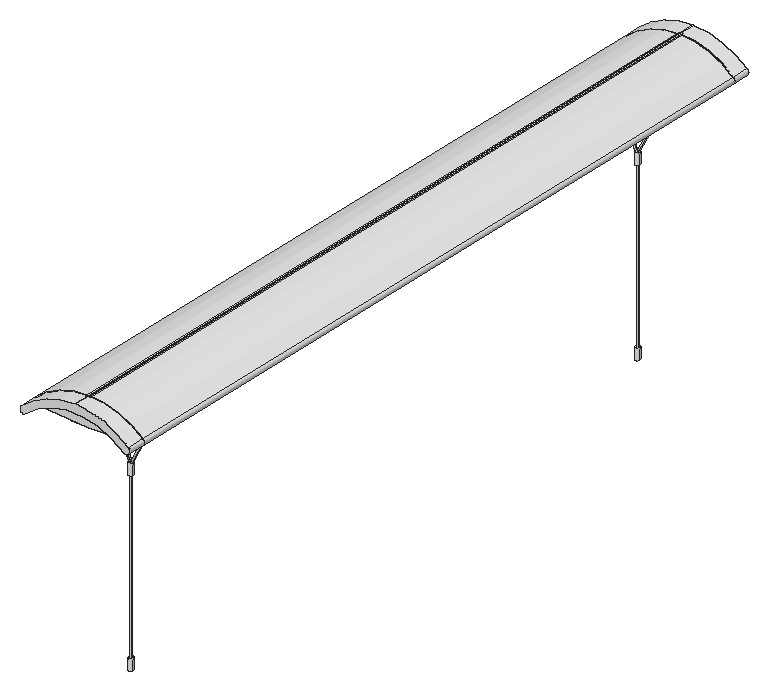
Revit family "Thorn IQ-WAVE", category Lighting Fixtures, host Face, Revit 2016
Family settings
  Host = Face
  Part Type = Normal
  Round Connector Dimension = Use Diameter
  Cut with Voids When Loaded = No
  Light Source = Yes
  Shared = No
  Room Calculation Point = No
Parameters (values of type "IQ SURF L LED4900-840 HFIX")
  Width = 210 mm  # constant formula
  Wattage Comments = ""
  Wattage = 32.9873 W
  built-in parameter 1150110 = 1 (stored number, unit not read)
  URL = "www.thornlighting.com/96628947"
  built-in parameter 1114217 = 1 (stored number, unit not read)
  Tilt Angle = -90.00°  # constant formula
  built-in parameter 1150109 = 1 (stored number, unit not read)
  built-in parameter 1150134 = 12
  Suspension Value [instance] = if(Suspension, Suspension Height, 70 mm)  # 500 mm
  Suspension Material = Thorn White Polycarbonate
  Suspension Height [instance] = 500 mm
  Suspension [instance] = yes
  built-in parameter 1150113 = 1 (stored number, unit not read)
  Photometric Web File = "96628947_(STD).IES"
  Model = "96628947"
  Manufacturer = "Thorn Lighting"  # constant formula
  built-in parameter 1150105 = 389.93 (stored number, unit not read)
  Lumens = 4900 lm
  built-in parameter 1150115 = 1 (stored number, unit not read)
  built-in parameter 1150137 = (empty or 0)
  built-in parameter 1150139 = (empty or 0)
  Length = 1440 mm
  built-in parameter 1150112 = 1 (stored number, unit not read)
  built-in parameter 1150114 = 1 (stored number, unit not read)
  Lamp = ""
  built-in parameter 1150132 = 2
  built-in parameter 1150102 = (empty or 0)
  built-in parameter 1150107 = 4000 (stored number, unit not read)
  built-in parameter 1150138 = (empty or 0)
  built-in parameter 1150106 = 3.8993 (stored number, unit not read)
  Height = 70 mm  # constant formula
  Emit from Rectangle Width = Length  # 1440 mm
  Emit from Rectangle Length = 210 mm  # constant formula
  Emit Shape Visible in Rendering = no
  built-in parameter 1150104 = 13.8 (stored number, unit not read)
  Dimming Lamp Color Temperature Shift = <None>
  Default Elevation = 0 mm
  Cost = 0
  Color Filter = 16777215
  Body Material = Thorn White Polycarbonate
  built-in parameter 1114218 = 1 (stored number, unit not read)
  built-in parameter 1150133 = 10 (stored number, unit not read)
  Apparent Load = 42 VA
Types (7, lengths in mm): name | Wattage | URL | built-in parameter 1150134 | Photometric Web File | Model | built-in parameter 1150105 | Lumens | Length | built-in parameter 1150107 | built-in parameter 1150106 | Emit from Rectangle Width | Apparent Load
  (no name) | 32.9873 W | "www.thornlighting.com/96628947" | 12 | "96628947_(STD).IES" | "96628947" | 389.93 (stored number, unit not read) | 4900 lm | 1440 | 4000 (stored number, unit not read) | 3.8993 (stored number, unit not read) | 1440 | 42 VA
  IQ-Wave INFILL 385 | 0 W | "www.thornlighting.com/96629772" | 3 | "generic" | "96629772" | (empty or 0) | 0 lm | 385 | 3200 (stored number, unit not read) | (empty or 0) | 385 | 0 VA
  IQ-Wave INFILL 565 | 0 W | "www.thornlighting.com/96629773" | 3 | "generic" | "96629773" | (empty or 0) | 0 lm | 565 | 3200 (stored number, unit not read) | (empty or 0) | 565 | 0 VA
  IQ-Wave INFILL 954 | 0 W | "www.thornlighting.com/96629774" | 3 | "generic" | "96629774" | (empty or 0) | 0 lm | 954 | 3200 (stored number, unit not read) | (empty or 0) | 954 | 0 VA
  IQ-Wave INFILL 1131 | 0 W | "www.thornlighting.com/96629775" | 3 | "generic" | "96629775" | (empty or 0) | 0 lm | 1131 | 3200 (stored number, unit not read) | (empty or 0) | 1131 | 0 VA
  IQ SURF L LED4900-840 HFIX | 32.9873 W | "www.thornlighting.com/96628947" | 12 | "96628947_(STD).IES" | "96628947" | 389.93 (stored number, unit not read) | 4900 lm | 1440 | 4000 (stored number, unit not read) | 3.8993 (stored number, unit not read) | 1440 | 42 VA
  IQ SUSP S LED4900-840 HFIX ML5 | 32.9873 W | "www.thornlighting.com/96628955" | 12 | "96628955_(STD).IES" | "96628955" | 389.93 (stored number, unit not read) | 4900 lm | 1140 | 4000 (stored number, unit not read) | 3.8993 (stored number, unit not read) | 1140 | 42 VA
Reference planes
  plane 1 "Centre (Front/Back)": y = 0
  plane 2: z = 0
  plane 3 "Centre (Left/Right)": x = 0
  plane 4 "Main Ref": z = 500
  plane 5 "Back": y = 720
  plane 6 "Front": y = -720
  plane 7: y = -687.625
  plane 8: y = 687.625
  plane 9 "Suspension Back": y = 590
  plane 10 "Suspension Front": y = -590
  plane 11: y = 665.75
  plane 12: y = -665.75
  plane 13: z = 219.75
Forms (mm)
  Extrusion 1, solid, material "Thorn White Polycarbonate" <- "Body Material"
    sketch origin (0, 0, 0) x (1, 0, 0) y (0, 0, 1)
      loop
        line (1, 500) -> (-1, 500)
        arc (-1, 500) -> (-53.837, 490.275) -> (-99.75, 462.375) r 148.401
        arc (-99.75, 462.375) -> (-102.165, 455.451) -> (-97.125, 450.125) r 7.052
        line (-97.125, 450.125) -> (-92.75, 450.125)
        arc (-92.75, 450.125) -> (-46.419, 447.003) -> (0, 445.75) r 1152.447
        arc (0, 445.75) -> (46.419, 447.003) -> (92.75, 450.125) r 1152.447
        line (92.75, 450.125) -> (96.25, 450.125)
        arc (96.25, 450.125) -> (102.113, 455.075) -> (99.75, 462.375) r 6.882
        arc (99.75, 462.375) -> (53.837, 490.275) -> (1, 500) r 148.401
    from 687.625 to -687.625
  Extrusion 2, solid, material "Thorn White Polycarbonate" <- "Body Material"
    sketch origin (0, 0, 0) x (1, 0, 0) y (0, 0, 1)
      loop
        arc (-1, 500) -> (-53.837, 490.275) -> (-99.75, 462.375) r 148.401
        arc (-99.75, 462.375) -> (-102.165, 455.451) -> (-97.125, 450.125) r 7.052
        line (-97.125, 450.125) -> (-93.625, 450.125)
        arc (-93.625, 450.125) -> (-0.437, 485.126) -> (92.75, 450.125) r 141.554
        line (92.75, 450.125) -> (96.25, 450.125)
        arc (96.25, 450.125) -> (102.113, 455.075) -> (99.75, 462.375) r 6.882
        arc (99.75, 462.375) -> (53.837, 490.275) -> (1, 500) r 148.401
        line (1, 500) -> (-1, 500)
    from -687.625 to -720
  Extrusion 3, solid, material "Thorn White Polycarbonate" <- "Body Material"
    sketch origin (0, 0, 0) x (1, 0, 0) y (0, 0, -1)
      loop
        line (-1, -500) -> (1, -500)
        arc (1, -500) -> (53.837, -490.275) -> (99.75, -462.375) r 148.401
        arc (99.75, -462.375) -> (102.113, -455.075) -> (96.25, -450.125) r 6.882
        line (96.25, -450.125) -> (92.75, -450.125)
        arc (92.75, -450.125) -> (-0.437, -485.126) -> (-93.625, -450.125) r 141.554
        line (-93.625, -450.125) -> (-97.125, -450.125)
        arc (-97.125, -450.125) -> (-102.165, -455.451) -> (-99.75, -462.375) r 7.052
        arc (-99.75, -462.375) -> (-53.837, -490.275) -> (-1, -500) r 148.401
    from -687.625 to -720
  Extrusion 4, solid, material "Thorn White Polycarbonate"
    sketch origin (0, 0, 0) x (1, 0, 0) y (0, 0, 1)
      loop
        line (3.509, 500) -> (-3.474, 500) -> (-3.474, 499) -> (3.509, 499) -> (3.509, 500)
    from 690 to -690.048
  Extrusion 5, solid, material "Thorn White Polycarbonate"
    sketch origin (0, 0, 0) x (1, 0, 0) y (0, 0, 1)
      loop
        line (-73.5, 448.6) -> (-73.5, 438.75) -> (-62.125, 438.75) -> (-49, 431.75) -> (49.875, 431.75) -> (63, 439.625) -> (63, 447.905)
        arc (63, 447.905) -> (31.515, 446.397) -> (0, 445.75) r 1152.447
        arc (0, 445.75) -> (-36.773, 446.588) -> (-73.5, 448.6) r 1152.447
    from 665.75 to -665.75
Dimensions and locks
  "Suspension Value": plane 4 "Main Ref" to level
  equal spacing: plane 6 "Front", plane 1 "Centre (Front/Back)", plane 5 "Back"
  plane 11 to plane 8 to plane 5 "Back" = 21.875 mm locked, 32.375 mm locked
  plane 6 "Front" to plane 7 to plane 12 = 32.375 mm locked, 21.875 mm locked
  "Length": plane 6 "Front" to plane 5 "Back"
  locked: plane 9 "Suspension Back" to plane 5 "Back" at 130
  locked: plane 6 "Front" to plane 10 "Suspension Front" at 130
  locked: plane 8 to Extrusion 4 at 2.423
  locked: plane 7 to Extrusion 4 at 2.375
  aligned and locked: plane 2 to host face
  aligned and locked: level to host face
  aligned and locked: Extrusion 5 sketch curve to Extrusion 1  (x2)
  aligned and locked: Extrusion 2 to plane 5 "Back"
  aligned and locked: Extrusion 2 to Extrusion 1
  aligned and locked: plane 6 "Front" to Extrusion 3
  aligned and locked: plane 7 to Extrusion 3
  aligned and locked: Extrusion 1 to plane 7
  aligned and locked: plane 8 to Extrusion 2
  aligned and locked: Extrusion 5 to plane 11
  aligned and locked: Extrusion 5 to plane 12
  aligned and locked: plane 4 "Main Ref" to imposter light
  aligned and locked: plane 9 "Suspension Back" to nested 1
  aligned and locked: nested 2 to plane 10 "Suspension Front"
Automatic sketch dimensions
  host sketch curve to host sketch curve = 2438.4 mm
  host sketch curve to host sketch curve = 2990.679 mm
  Extrusion 1 sketch curve to plane 3 "Centre (Left/Right)" = 0 mm
  Extrusion 1 sketch curve to plane 3 "Centre (Left/Right)" = 1 mm
  Extrusion 1 sketch curve to plane 3 "Centre (Left/Right)" = 7.881 mm
  Extrusion 1 sketch curve to Extrusion 1 sketch curve = 2.519 mm
  Extrusion 1 sketch curve to Extrusion 1 sketch curve = 4.375 mm
  plane 3 "Centre (Left/Right)" to Extrusion 1 sketch curve = 1 mm
  plane 3 "Centre (Left/Right)" to Extrusion 1 sketch curve = 7.881 mm
  Extrusion 1 sketch curve to Extrusion 1 sketch curve = 2.746 mm
  Extrusion 1 sketch curve to Extrusion 1 sketch curve = 3.5 mm
  Extrusion 1 sketch curve to plane 4 "Main Ref" = 43.035 mm
  Extrusion 1 sketch curve to Extrusion 1 sketch curve = 43.071 mm
  Extrusion 1 sketch curve to Extrusion 1 sketch curve = 6.84 mm
  Extrusion 1 sketch curve to Extrusion 1 sketch curve = 6.804 mm
  Extrusion 1 sketch curve to Extrusion 1 sketch curve = 98.526 mm
  Extrusion 1 sketch curve to Extrusion 1 sketch curve = 0 mm
  plane 4 "Main Ref" to Extrusion 1 sketch curve = 1098.17 mm
  Extrusion 2 sketch curve to plane 4 "Main Ref" = 0 mm
  Extrusion 2 sketch curve to Extrusion 2 sketch curve = 1.856 mm
  Extrusion 2 sketch curve to Extrusion 2 sketch curve = 3.5 mm  (x2)
  Extrusion 2 sketch curve to plane 3 "Centre (Left/Right)" = 1 mm
  Extrusion 2 sketch curve to plane 3 "Centre (Left/Right)" = 0.438 mm
  plane 3 "Centre (Left/Right)" to Extrusion 2 sketch curve = 1 mm
  Extrusion 2 sketch curve to Extrusion 2 sketch curve = 2.746 mm
  Extrusion 2 sketch curve to plane 4 "Main Ref" = 43.035 mm
  Extrusion 2 sketch curve to Extrusion 2 sketch curve = 43.071 mm
  Extrusion 2 sketch curve to Extrusion 2 sketch curve = 6.84 mm
  Extrusion 2 sketch curve to Extrusion 2 sketch curve = 98.526 mm
  Extrusion 2 sketch curve to Extrusion 2 sketch curve = 0 mm
  Extrusion 2 sketch curve to Extrusion 2 sketch curve = 8.027 mm
  Extrusion 3 sketch curve to plane 4 "Main Ref" = 0 mm
  Extrusion 3 sketch curve to Extrusion 3 sketch curve = 1.856 mm
  Extrusion 3 sketch curve to Extrusion 3 sketch curve = 3.5 mm  (x2)
  Extrusion 3 sketch curve to plane 3 "Centre (Left/Right)" = 1 mm
  Extrusion 3 sketch curve to plane 3 "Centre (Left/Right)" = 0.438 mm
  plane 3 "Centre (Left/Right)" to Extrusion 3 sketch curve = 1 mm
  Extrusion 3 sketch curve to Extrusion 3 sketch curve = 2.746 mm
  Extrusion 3 sketch curve to plane 4 "Main Ref" = 43.035 mm
  Extrusion 3 sketch curve to Extrusion 3 sketch curve = 43.071 mm
  Extrusion 3 sketch curve to Extrusion 3 sketch curve = 6.804 mm
  Extrusion 3 sketch curve to Extrusion 3 sketch curve = 98.526 mm
  Extrusion 3 sketch curve to Extrusion 3 sketch curve = 0 mm
  Extrusion 3 sketch curve to Extrusion 3 sketch curve = 8.027 mm
  Extrusion 4 sketch curve to plane 4 "Main Ref" = 0 mm
  Extrusion 4 sketch curve to plane 3 "Centre (Left/Right)" = 3.474 mm
  Extrusion 4 sketch curve to plane 4 "Main Ref" = 1 mm
  plane 3 "Centre (Left/Right)" to Extrusion 4 sketch curve = 3.509 mm
  Extrusion 5 sketch curve to plane 3 "Centre (Left/Right)" = 49 mm
  Extrusion 5 sketch curve to Extrusion 5 sketch curve = 13.125 mm  (x2)
  Extrusion 5 sketch curve to Extrusion 5 sketch curve = 11.375 mm
  plane 3 "Centre (Left/Right)" to Extrusion 5 sketch curve = 49.875 mm
  Extrusion 5 sketch curve to Extrusion 5 sketch curve = 8.28 mm
  Extrusion 5 sketch curve to Extrusion 5 sketch curve = 9.85 mm
  Extrusion 5 sketch curve to Extrusion 5 sketch curve = 7.875 mm
  plane 3 "Centre (Left/Right)" to Extrusion 1 sketch curve = 92.75 mm
  plane 3 "Centre (Left/Right)" to Extrusion 2 sketch curve = 92.75 mm
  Extrusion 3 sketch curve to Extrusion 3 sketch curve = 91.75 mm
  Extrusion 1 sketch curve to plane 3 "Centre (Left/Right)" = 92.75 mm
  Extrusion 2 sketch curve to Extrusion 2 sketch curve = 92.625 mm
  Extrusion 3 sketch curve to plane 3 "Centre (Left/Right)" = 93.625 mm
  Extrusion 1 sketch curve to plane 4 "Main Ref" = 0 mm
Nested families
  nested 1: "Suspension" at (0, 590, 0) x (0, 1, 0) z (0, 0, 1), Suspension <- "Suspension Material", type "Suspension"
    with Suspension Thorn White Polycarbonate, Suspension Height 500 mm
  nested 2: "Suspension" at (0, -590, 0) x (0, -1, 0) z (0, 0, 1), Suspension <- "Suspension Material", type "Suspension"
    with Suspension Thorn White Polycarbonate, Suspension Height 500 mm
Definition of nested family "Suspension"
  Parameters (values of type "Suspension")
    Suspension Height = 1000 mm
    Suspension [instance] = none
  Reference planes
    plane 1 "Light Source Axis (F/B)": y = 0
    plane 2: z = 0
    plane 3 "Light Source Axis (L/R)": x = 0
    plane 4 "Light Source Elevation": z = 0
    plane 5: z = 1000
    plane 6: z = 931.7
    plane 7: y = 45
    plane 8: y = -45
    plane 9: z = 845.943
    plane 10: z = 825.943
  Forms (mm)
    Extrusion 1, solid, material <- "Suspension"
      sketch origin (661.466, 0, 85) x (0, -1, 0) y (1, 0, 0)
        loop
          circle (0, -661.466) r 4
      from 740.943 to 760.943
    Extrusion 2, solid, material <- "Suspension"
      sketch origin (639.464, 0, 65) x (0, -1, 0) y (1, 0, 0)
        loop
          circle (0, -639.464) r 1.5
      from -65 to 760.943
    Sweep 3, solid, material <- "Suspension"
      path origin (0, 0, 0) x (0, 1, 0) y (0, 0, 1)
        loop
          line (45, 931.7) -> (0, 844.315) -> (-45, 931.7)
      profile origin (0, 22.5, 888.008) x (0, 0.889042, -0.457825) y (1, 0, 0)
        loop
          circle (0, 0) r 1.5
    Extrusion 4, solid, material <- "Suspension"
      sketch origin (661.466, 0, -688.342) x (0, -1, 0) y (1, 0, 0)
        loop
          circle (0, -661.466) r 4
      from 688.342 to 708.342
  Cuts and joins
    joined: Extrusion 1, Sweep 3
    joined: Extrusion 2, Extrusion 4
  Dimensions and locks
    "Suspension Height": plane 4 "Light Source Elevation" to plane 5
    plane 5 to plane 6 to plane 9 to plane 10 = 68.3 mm locked, 85.757 mm locked, 20 mm locked
    aligned and locked: level to plane 2
    aligned and locked: plane 4 "Light Source Elevation" to Extrusion 2
    aligned and locked: plane 6 to Sweep 3 sketch curve
    aligned and locked: plane 9 to cut or joined group of Extrusion 1, Sweep 3
    aligned and locked: cut or joined group of Extrusion 1, Sweep 3 to plane 10
    aligned and locked: plane 10 to cut or joined group of Extrusion 2, Extrusion 4
  Automatic sketch dimensions
    plane 1 "Light Source Axis (F/B)" to Extrusion 1 sketch curve = 0 mm
    Extrusion 1 sketch curve to plane 3 "Light Source Axis (L/R)" = 0 mm
    plane 1 "Light Source Axis (F/B)" to Extrusion 2 sketch curve = 0 mm
    Extrusion 2 sketch curve to plane 3 "Light Source Axis (L/R)" = 0 mm
    plane 1 "Light Source Axis (F/B)" to Extrusion 4 sketch curve = 0 mm
    Extrusion 4 sketch curve to plane 3 "Light Source Axis (L/R)" = 0 mm
    Sweep 3 sketch curve to plane 6 = 0 mm
    Sweep 3 sketch curve to plane 8 = 0 mm
    Sweep 3 sketch curve to plane 7 = 0 mm
    Sweep 3 sketch curve to plane 3 "Light Source Axis (L/R)" = 0 mm
    Sweep 3 sketch curve to profile plane = 0 mm
    Sweep 3 sketch curve to plane 1 "Light Source Axis (F/B)" = 0 mm
    Sweep 3 sketch curve to plane 9 = 1.628 mm
    radius of Extrusion 1 sketch curve = 4 mm
    radius of Extrusion 2 sketch curve = 1.5 mm
    radius of Extrusion 4 sketch curve = 4 mm
    radius of Sweep 3 sketch curve = 1.5 mm
